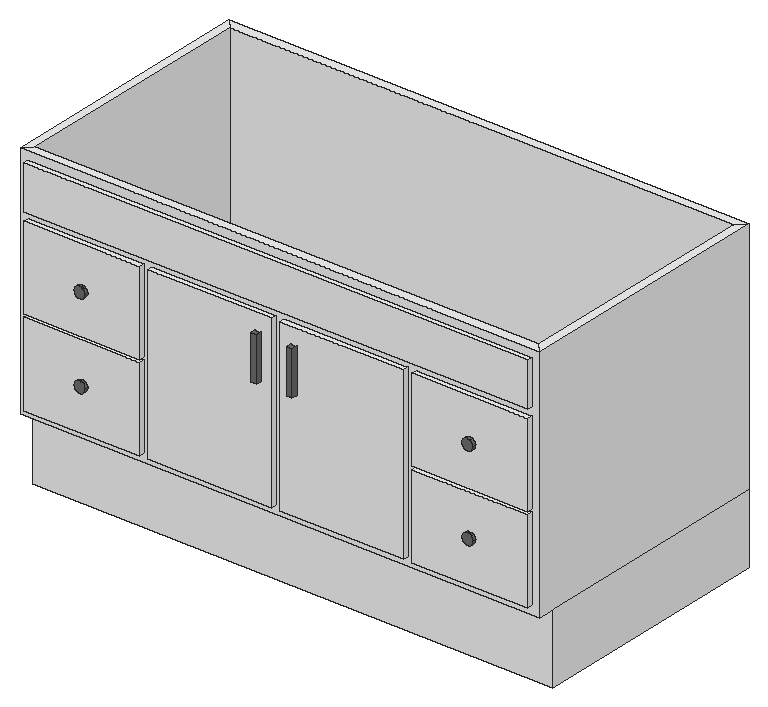
Revit family "Vanity Cabinet-Double Door & 4 Drawer (M)", category 케이스워크, Revit 2026
Family settings
  작업 기준면 기반 = 아니오
  항상 수직 = 예
  로드될 때 보이드를 사용하여 절단 = 아니오
  공유 = 아니오
  룸 계산 점 = 아니오
Parameters (values of type "1200mm")
  기본 높이 = 0 mm
  Cabinet Material = none
  깊이 = 600 mm
  Door/Drawer Material = none
  Handle Material = Cabinets - Handles
  높이 = 710 mm
  Plinth Depth = 35 mm
  Plinth Height = 160 mm
  폭 = 1200 mm
Reference planes
  plane 1 "Back": y = 0
  plane 2: z = 0
  plane 3 "Center": x = 90.845
  plane 4 "Left": x = -509.155
  plane 5 "Right": x = 690.845
  plane 6 "Front": y = -600
  plane 7 "Top": z = 710
  plane 8: y = -565
  plane 9: z = 160
  plane 10: z = 690.95
  plane 11: z = 179.05
  plane 12: x = -490.105
  plane 13: x = 671.795
  plane 14: z = 589.35
  plane 15: z = 570.3
  plane 16: z = 532.2
  plane 17: z = 430.6
  plane 18: x = 55.92
  plane 19: x = 43.22
  plane 20: x = 81.32
  plane 21: x = 100.37
  plane 22: x = 386.082
  plane 23: z = 472.488
  plane 24: z = 276.862
  plane 25: z = 374.675
  plane 26: x = -204.393
  plane 27: x = -213.918
  plane 28: x = -223.443
  plane 29: x = 405.132
  plane 30: x = 395.607
  plane 31: x = 538.464
  plane 32: x = -356.774
  plane 33: x = 125.77
  plane 34: x = 138.47
Forms (mm)
  Extrusion 1, solid, material <- "Cabinet Material"
    sketch origin (0, 0, 0) x (1, 0, 0) y (0, 1, 0)
      loop
        line (-509.155, 0) -> (-509.155, -565) -> (690.845, -565) -> (690.845, 0) -> (-509.155, 0)
    from 0 to 160
  Sweep 2, solid, material <- "Cabinet Material"
    path origin (0, 0, 0) x (1, 0, 0) y (0, 1, 0)
      loop
        line (690.845, 0) -> (-509.155, 0) -> (-509.155, -600) -> (690.845, -600) -> (690.845, 0)
    profile origin (0, -300, 0) x (1, 0, 0) y (0, 0, 1)
      loop
        line (690.845, 160) -> (690.845, 710) -> (671.795, 710) -> (671.795, 160) -> (690.845, 160)
  Extrusion 3, solid, material "Cabinets"
    sketch origin (0, 0, 0) x (1, 0, 0) y (0, 1, 0)
      loop
        line (-490.105, -19.05) -> (-490.105, -580.95) -> (671.795, -580.95) -> (671.795, -19.05) -> (-490.105, -19.05)
    from 179.05 to 160
  Extrusion 4, solid, material "Cabinets - Handles" <- "Handle Material"
    sketch origin (0, -600, 0) x (1, 0, 0) y (0, 0, 1)
      loop
        circle (538.464, 276.862) r 12.7
      loop
        circle (538.464, 472.488) r 12.7
    from 12.7 to 19.05
  Extrusion 5, solid, material "Cabinets - Handles" <- "Handle Material"
    sketch origin (0, -600, 0) x (1, 0, 0) y (0, 0, 1)
      loop
        circle (-356.774, 472.488) r 12.7
      loop
        circle (-356.774, 276.862) r 12.7
    from 12.7 to 19.05
  Extrusion 6, solid, material <- "Door/Drawer Material"
    sketch origin (0, -600, 0) x (1, 0, 0) y (0, 0, 1)
      loop
        line (671.795, 690.95) -> (-490.105, 690.95) -> (-490.105, 589.35) -> (671.795, 589.35) -> (671.795, 690.95)
      loop
        line (671.795, 570.3) -> (405.132, 570.3) -> (405.132, 377.85) -> (671.795, 377.85) -> (671.795, 570.3)
      loop
        line (671.795, 179.05) -> (671.795, 371.5) -> (405.132, 371.5) -> (405.132, 179.05) -> (671.795, 179.05)
      loop
        line (-223.443, 570.3) -> (-490.105, 570.3) -> (-490.105, 377.85) -> (-223.443, 377.85) -> (-223.443, 570.3)
      loop
        line (-223.443, 179.05) -> (-223.443, 371.5) -> (-490.105, 371.5) -> (-490.105, 179.05) -> (-223.443, 179.05)
      loop
        line (-204.393, 570.3) -> (-204.393, 179.05) -> (81.32, 179.05) -> (81.32, 570.3) -> (-204.393, 570.3)
      loop
        line (100.37, 570.3) -> (100.37, 179.05) -> (386.082, 179.05) -> (386.082, 570.3) -> (100.37, 570.3)
    from 0 to 12.7
  Extrusion 7, solid, material "Cabinets - Handles" <- "Handle Material"
    sketch origin (0, -600, 0) x (1, 0, 0) y (0, 0, 1)
      loop
        line (43.22, 532.2) -> (43.22, 430.6) -> (55.92, 430.6) -> (55.92, 532.2) -> (43.22, 532.2)
      loop
        line (125.77, 532.2) -> (125.77, 430.6) -> (138.47, 430.6) -> (138.47, 532.2) -> (125.77, 532.2)
    from 12.7 to 25.4
Lines and regions (mm)
  symbolic lines, style "Plan Rep - Below"
    curve 1: line (690.845, -600, 0) -> (-509.155, -600, 0)
    curve 2: line (690.845, 0, 0) -> (690.845, -600, 0)
    curve 3: line (-509.155, 0, 0) -> (690.845, 0, 0)
    curve 4: line (-509.155, -600, 0) -> (-509.155, 0, 0)
  model lines
    curve 5: line (671.795, -600, 589.35) -> (-490.105, -600, 589.35)
    curve 6: line (671.795, -600, 690.95) -> (671.795, -600, 589.35)
    curve 7: line (-490.105, -600, 690.95) -> (671.795, -600, 690.95)
    curve 8: line (-490.105, -600, 589.35) -> (-490.105, -600, 690.95)
    curve 9: line (-490.105, -600, 570.3) -> (-223.443, -600, 570.3)
    curve 10: line (-490.105, -600, 179.05) -> (-490.105, -600, 570.3)
    curve 11: line (43.22, -600, 532.2) -> (55.92, -600, 532.2)
    curve 12: line (43.22, -600, 430.6) -> (43.22, -600, 532.2)
    curve 13: line (55.92, -600, 430.6) -> (43.22, -600, 430.6)
    curve 14: line (55.92, -600, 532.2) -> (55.92, -600, 430.6)
    curve 15: line (81.32, -600, 179.05) -> (81.32, -600, 570.3)
    curve 16: line (81.32, -600, 179.05) -> (-204.393, -600, 179.05)
    curve 22: line (405.132, -600, 570.3) -> (405.132, -600, 179.05)
    curve 23: line (-204.393, -600, 570.3) -> (-204.393, -600, 179.05)
    curve 24: line (-223.443, -600, 570.3) -> (-223.443, -600, 179.05)
    curve 25: line (386.082, -600, 570.3) -> (386.082, -600, 179.05)
    curve 26: line (-223.443, -600, 374.675) -> (-490.105, -600, 374.675)
    curve 27: line (125.77, -600, 532.2) -> (138.47, -600, 532.2)
    curve 28: line (125.77, -600, 430.6) -> (125.77, -600, 532.2)
    curve 29: line (138.47, -600, 430.6) -> (125.77, -600, 430.6)
    curve 30: line (138.47, -600, 532.2) -> (138.47, -600, 430.6)
    curve 33: line (-204.393, -600, 570.3) -> (81.32, -600, 570.3)
    curve 34: line (-223.443, -600, 179.05) -> (-490.105, -600, 179.05)
  model lines, style "Casework"
    curve 17: line (100.37, -600, 179.05) -> (386.082, -600, 179.05)
    curve 18: line (100.37, -600, 570.3) -> (100.37, -600, 179.05)
    curve 19: line (671.795, -600, 570.3) -> (405.132, -600, 570.3)
    curve 20: line (671.795, -600, 179.05) -> (671.795, -600, 570.3)
    curve 21: line (671.795, -600, 374.675) -> (405.132, -600, 374.675)
    curve 31: line (386.082, -600, 570.3) -> (100.37, -600, 570.3)
    curve 32: line (405.132, -600, 179.05) -> (671.795, -600, 179.05)
  symbolic lines, style "Elevation Swing"
    curve 35: line (81.32, 0, 570.3) -> (-204.393, 0, 374.675)
    curve 36: line (-204.393, 0, 374.675) -> (81.32, 0, 179.05)
    curve 37: line (100.37, 0, 179.05) -> (386.082, 0, 374.675)
    curve 38: line (386.082, 0, 374.675) -> (100.37, 0, 570.3)
Dimensions and locks
  "깊이": plane 6 "Front" to plane 1 "Back"
  "폭": plane 4 "Left" to plane 5 "Right"
  equal spacing: plane 4 "Left", plane 3 "Center", plane 5 "Right"
  "높이": level to plane 7 "Top"
  "Plinth Height": plane 2 to plane 9
  "Plinth Depth": plane 6 "Front" to plane 8
  locked: plane 4 "Left" to plane 12 at 19.05
  locked: plane 13 to plane 5 "Right" at 19.05
  locked: plane 7 "Top" to plane 10 at 19.05
  locked: plane 11 to plane 9 at 19.05
  plane 10 to plane 14 to plane 15 = 101.6 mm locked, 19.05 mm locked
  plane 15 to plane 16 to plane 17 = 38.1 mm locked, 101.6 mm locked
  plane 21 to plane 3 "Center" to plane 20 = 9.525 mm locked, 9.525 mm locked
  plane 20 to plane 18 to plane 19 = 25.4 mm locked, 12.7 mm locked
  equal spacing: plane 13, plane 22, plane 21
  locked: plane 2 to level at 0
  equal spacing: plane 14, plane 25, plane 9
  equal spacing: plane 25, plane 24, plane 11
  equal spacing: plane 15, plane 23, plane 25
  plane 26 to plane 27 to plane 28 = 9.525 mm locked, 9.525 mm locked
  equal spacing: plane 20, plane 26, plane 12
  equal spacing: plane 13, plane 31, plane 29
  plane 29 to plane 30 to plane 22 = 9.525 mm locked, 9.525 mm locked
  equal spacing: plane 12, plane 32, plane 28
  plane 21 to plane 33 to plane 34 = 25.4 mm, 12.7 mm
  aligned and locked: plane 1 "Back" to Extrusion 1 sketch curve
  aligned and locked: Extrusion 1 sketch curve to plane 5 "Right"
  aligned and locked: Extrusion 1 sketch curve to plane 8
  aligned and locked: plane 4 "Left" to Extrusion 1 sketch curve
  aligned and locked: Extrusion 1 to level
  aligned and locked: Sweep 2 sketch curve to plane 6 "Front"
  aligned and locked: plane 1 "Back" to Sweep 2 sketch curve
  aligned and locked: Sweep 2 sketch curve to plane 5 "Right"  (x2)
  aligned and locked: plane 4 "Left" to Sweep 2 sketch curve
  aligned and locked: plane 7 "Top" to Sweep 2 sketch curve
  aligned and locked: Sweep 2 sketch curve to plane 9
  aligned and locked: Sweep 2 to Extrusion 3 sketch curve  (x2)
  aligned and locked: Extrusion 3 sketch curve to Sweep 2  (x2)
  aligned and locked: Extrusion 3 to plane 11
  aligned and locked: plane 9 to Extrusion 3
  aligned and locked: Extrusion 1 to plane 9
  aligned and locked: plane 21 to curve 17
  aligned and locked: plane 11 to curve 17
  aligned and locked: plane 15 to curve 20
  aligned and locked: curve 20 to Sweep 2
  aligned and locked: curve 21 to plane 25
Automatic sketch dimensions
  profile plane to Sweep 2 sketch curve = 19.05 mm
  curve 1 to plane 4 "Left" = 0 mm
  curve 3 to plane 1 "Back" = 0 mm
  curve 3 to plane 5 "Right" = 0 mm
  curve 1 to plane 6 "Front" = 0 mm
  Extrusion 4 sketch curve to plane 23 = 0 mm
  Extrusion 4 sketch curve to plane 24 = 0 mm
  Extrusion 4 sketch curve to plane 31 = 0 mm  (x2)
  Extrusion 4 sketch curve to Extrusion 4 sketch curve = 12.7 mm  (x2)
  Extrusion 5 sketch curve to plane 24 = 0 mm
  Extrusion 5 sketch curve to plane 23 = 0 mm
  Extrusion 5 sketch curve to plane 32 = 0 mm  (x2)
  Extrusion 5 sketch curve to Extrusion 5 sketch curve = 12.7 mm  (x2)
  Extrusion 6 sketch curve to plane 12 = 0 mm  (x3)
  Extrusion 6 sketch curve to plane 10 = 0 mm
  Extrusion 6 sketch curve to plane 28 = 0 mm  (x2)
  Extrusion 6 sketch curve to plane 15 = 0 mm  (x4)
  Extrusion 6 sketch curve to plane 26 = 0 mm
  Extrusion 6 sketch curve to plane 11 = 0 mm  (x4)
  Extrusion 6 sketch curve to plane 20 = 0 mm
  Extrusion 6 sketch curve to plane 21 = 0 mm
  Extrusion 6 sketch curve to plane 22 = 0 mm
  Extrusion 6 sketch curve to plane 29 = 0 mm  (x2)
  Extrusion 6 sketch curve to plane 13 = 0 mm  (x3)
  Extrusion 6 sketch curve to plane 14 = 0 mm
  plane 25 to Extrusion 6 sketch curve = 3.175 mm  (x2)
  Extrusion 6 sketch curve to plane 25 = 3.175 mm  (x2)
  Extrusion 7 sketch curve to plane 17 = 0 mm  (x2)
  Extrusion 7 sketch curve to plane 19 = 0 mm
  Extrusion 7 sketch curve to plane 18 = 0 mm
  Extrusion 7 sketch curve to plane 16 = 0 mm  (x2)
  Extrusion 7 sketch curve to plane 33 = 0 mm
  Extrusion 7 sketch curve to plane 34 = 0 mm
  curve 5 to plane 13 = 0 mm
  curve 22 to plane 29 = 0 mm
  curve 31 to plane 15 = 0 mm
  curve 31 to plane 22 = 0 mm
  curve 37 to plane 22 = 0 mm
  curve 27 to plane 16 = 0 mm
  curve 27 to plane 34 = 0 mm
  curve 29 to plane 17 = 0 mm
  curve 29 to plane 33 = 0 mm
  curve 37 to plane 11 = 0 mm
  curve 37 to plane 21 = 0 mm
  curve 38 to plane 15 = 0 mm
  curve 38 to plane 21 = 0 mm
  curve 16 to plane 11 = 0 mm
  curve 16 to plane 20 = 0 mm
  curve 36 to plane 11 = 0 mm
  curve 36 to plane 20 = 0 mm
  curve 35 to plane 15 = 0 mm
  curve 35 to plane 20 = 0 mm
  curve 14 to plane 16 = 0 mm
  curve 14 to plane 18 = 0 mm
  curve 13 to plane 17 = 0 mm
  curve 13 to plane 19 = 0 mm
  curve 23 to plane 11 = 0 mm
  curve 23 to plane 26 = 0 mm
  curve 35 to plane 25 = 0 mm
  curve 35 to plane 26 = 0 mm
  curve 33 to plane 15 = 0 mm
  curve 33 to plane 26 = 0 mm
  curve 16 to plane 26 = 0 mm
  curve 24 to plane 15 = 0 mm
  curve 24 to plane 28 = 0 mm
  curve 9 to plane 15 = 0 mm
  curve 9 to plane 28 = 0 mm
  curve 34 to plane 11 = 0 mm
  curve 34 to plane 28 = 0 mm
  curve 7 to plane 10 = 0 mm
  curve 7 to plane 12 = 0 mm
  curve 26 to plane 12 = 0 mm
  curve 10 to plane 12 = 0 mm
  curve 5 to plane 14 = 0 mm
  curve 23 to plane 15 = 0 mm
  curve 26 to plane 25 = 0 mm
  curve 37 to plane 25 = 0 mm
  curve 20 to plane 11 = 0 mm
  curve 24 to plane 11 = 0 mm
